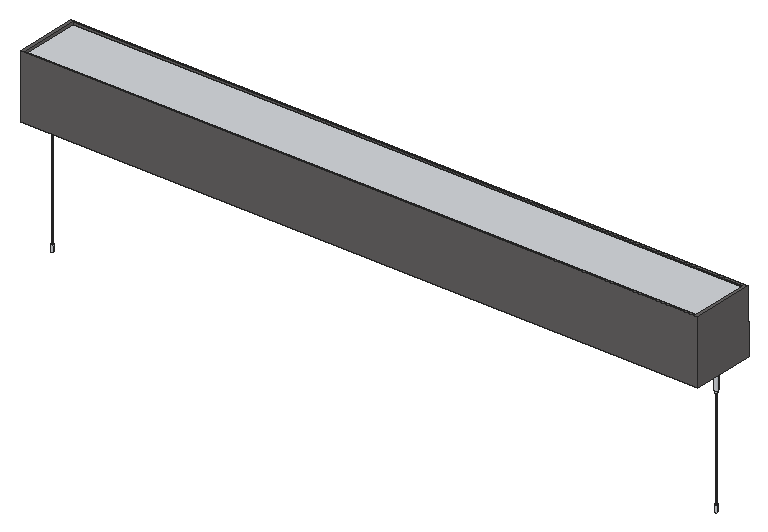
Revit family "4L-P-ID", category Lighting Fixtures, host Face, Revit 2021
Family settings
  Host = Face
  Round Connector Dimension = Use Diameter
  Part Type = Normal
  OmniClass Number = 23.80.70.11.14.17
  OmniClass Title = Direct/Indirect
  Cut with Voids When Loaded = No
  Light Source = No
  Shared = No
  Room Calculation Point = No
Parameters (values of type "4L-P-ID-C1")
  Watts = 56 W  # constant formula
  Wattage Comments = "Variable Intensity technology provides specifiable lumen output/wattage"  # constant formula
  Voltage = 120 V
  Uplight distribution = "Low Peak Angle"  # constant formula
  URL = "https://www.currentlighting.com/litecontrol"
  Reflector Finish = White Glass
  Product Page URL = ""
  Product Material = Paint - Textured Camera Black
  Product Documentation Link = ""
  Power Factor = 1
  Pendent Height = 9"
  Model = "4L-P-ID"  # constant formula
  Manufacturer = "Litecontrol"  # constant formula
  Load Classification = Lighting
  Lamp = "LED"  # constant formula
  Indirect Output/ft = "I120-1200"  # constant formula
  Fixture Length = MOD 4 : 4'
  Downlight diffuser = "Downlight diffuser"  # constant formula
  Direct Output/ft = "D110-1100"  # constant formula
  Description = "MOD 4 LED Pendant Indirect/Direct"  # constant formula
  Default Elevation = 48"
  Connector Description = "Lighting Connector"  # constant formula
  Apparent Load = Watts / Power Factor  # 56 VA
Types (7): name
  (no name)
  4L-P-ID-C1
  4L-P-ID-C2
  4L-P-ID-C3
  4L-P-ID-C4
  4L-P-ID-C5
  4L-P-ID-C6
Reference planes (in)
  plane 1 "Center (Front/Back)": y = 0
  plane 2: z = 0
  plane 3 "Center (Left/Right)": x = 0
Forms (in)
  Extrusion 1, void
    sketch origin (0, 0, 0) x (1, 0, 0) y (0, 1, 0)
      loop
        circle (0, 0) r 3.125
    from -1.25 to 0
Dimensions and locks (in)
  radius of Extrusion 1 sketch curve = 3 1/8"
  aligned and locked: plane 2 to host face
  aligned and locked: level to host face
  aligned and locked: level to Extrusion 1
  aligned and locked: plane 1 "Center (Front/Back)" to nested 1
  aligned and locked: plane 3 "Center (Left/Right)" to nested 1
Nested families (in)
  nested 1: "MOD 4" at (0, 0, 0), type <- "Fixture Length", Pendent Height <- "Pendent Height", Product Material <- "Product Material", type "4'"
    with Product Material Paint - Textured Camera Black, Pendent Height 9", Length 48"
Connectors (in)
  electrical at (0, 0, 9), driven by "Connector Description", driven by "Apparent Load", driven by "Voltage", driven by "Load Classification", driven by "Power Factor"
    settings: on nested 1, index 1, voltage 120 V, apparent load 56 VA, apparent load phase1 0 VA, apparent load phase2 0 VA, apparent load phase3 0 VA, power factor 1, load classification "Lighting", number of poles 1, system type 30, power factor state 1, is connector primary yes, connector utility no, sub classification motor no, connector description "Lighting Connector"
Definition of nested family "MOD 4"
  Parameters
    Width = 4.43"  # constant formula
    Wattage Comments = "17"
    Wattage = 56 W
    built-in parameter 1150110 = 1 (stored number, unit not read)
    URL = "http://www.columbialighting.com/"
    built-in parameter 1114217 = 1 (stored number, unit not read)
    Tilt Angle = 90.00°  # constant formula
    built-in parameter 1150109 = 1 (stored number, unit not read)
    built-in parameter 1150134 = (empty or 0)
    built-in parameter 1150113 = 1 (stored number, unit not read)
    Reflector Finish = none
    Product Material [instance] = none
    Photometric Web File = "4L-P-ID-LPA-4-SOF-X-CX-35K-I120-D030.IES"
    Pendent Height [instance] = 6.85998"
    Pendant Material = none
    Model = "4L-P-ID"  # constant formula
    Manufacturer = "LITECONROL"  # constant formula
    built-in parameter 1150105 = 476.83 (stored number, unit not read)
    Lumens = 5992 lm
    built-in parameter 1150115 = 1 (stored number, unit not read)
    Load Classification = none
    built-in parameter 1150137 = (empty or 0)
    built-in parameter 1150139 = (empty or 0)
    Length = 96"
    built-in parameter 1150112 = 1 (stored number, unit not read)
    built-in parameter 1150114 = 1 (stored number, unit not read)
    Lamp = "24\" T8 Lamp"
    built-in parameter 1150132 = (empty or 0)
    built-in parameter 1150102 = (empty or 0)
    built-in parameter 1150107 = 3500 (stored number, unit not read)
    built-in parameter 1150138 = (empty or 0)
    built-in parameter 1150106 = 4.7683 (stored number, unit not read)
    Height = 4 1/2"  # constant formula
    Emit from Rectangle Width = Length - 2"  # 94"
    Emit from Rectangle Length = 4"  # constant formula
    Emit Shape Visible in Rendering = no
    built-in parameter 1150104 = 9.9406 (stored number, unit not read)
    Dimming Lamp Color Temperature Shift = (empty or 0)
    Description = ""  # constant formula
    Default Elevation = 48"
    Color Filter = 16777215
    built-in parameter 1114218 = 1 (stored number, unit not read)
    built-in parameter 1150133 = 10 (stored number, unit not read)
    Apparent Load = 0 VA  # constant formula
  Reference planes (in)
    plane 1 "Center (Front/Back)": y = 0
    plane 2: z = 0
    plane 3 "Center (Left/Right)": x = 0
    plane 4: x = -48
    plane 5: x = 48
    plane 6: x = -47.75
    plane 7: x = 47.75
    plane 8: y = -2.215
    plane 9: y = 2.215
    plane 10: z = 6.85998
    plane 11: z = 11.10998
    plane 12: x = 47.5
    plane 13: x = -47.5
    plane 14: z = 11.23498
    plane 15: z = 11.10998
    plane 16: z = 11.35998
  Forms (in)
    Extrusion 1, solid
      sketch origin (0, 0, 0) x (1, 0, 0) y (0, 1, 0)
        loop
          line (-48, 48) -> (-48, -48) -> (48, -48) -> (48, 48) -> (-48, 48)
      from 0 to -1.25
    Extrusion 2, solid, material <- "Product Material"
      sketch origin (0, 0, 0) x (0, 1, 0) y (0, 0, -1)
        loop
          line (2.215, -6.85998) -> (-2.215, -6.85998) -> (-2.215, -11.35998) -> (2.215, -11.35998) -> (2.215, -6.85998)
      from -48 to -47.75
    Extrusion 3, solid, material <- "Product Material"
      sketch origin (-47.9375, 0, 0) x (0, 1, 0) y (0, 0, -1)
        loop
          line (2.215, -6.85998) -> (-2.215, -6.85998) -> (-2.215, -11.35998) -> (2.215, -11.35998) -> (2.215, -6.85998)
      from -0.1875 to 0.0625
    Sweep 4, solid, material <- "Product Material"
      path origin (0, 0, 0) x (1, 0, 0) y (0, 1, 0)
        loop
          line (-47.75, 0) -> (47.75, 0)
      profile origin (0, 0, 0) x (0, 1, 0) y (0, 0, 1)
        loop
          line (2.12398, 11.35998) -> (2.12398, 6.99596) -> (-2.12398, 6.99596) -> (-2.12398, 11.35998) -> (-2.215, 11.35998) -> (-2.215, 6.85998) -> (2.215, 6.85998) -> (2.215, 11.35998) -> (2.12398, 11.35998)
    Revolve 5, solid, material <- "Pendant Material"
      sketch origin (0, 0, 0) x (1, 0, 0) y (0, 0, 1)
        loop
          line (-47.5, 6.85998) -> (-47.5, 0) -> (-47.40361, 0) -> (-47.40361, 0.42177) -> (-47.47196, 0.42177) -> (-47.47196, 5.43695) -> (-47.41672, 5.43695) -> (-47.41672, 5.61188) -> (-47.34307, 5.61188) -> (-47.34307, 6.85998) -> (-47.5, 6.85998)
        axis (-47.5, 6.85998) -> (-47.5, 0)
      angle from 0 to 360
    Revolve 6, solid, material <- "Pendant Material"
      sketch origin (0, 0, 0) x (-1, 0, 0) y (0, 0, -1)
        loop
          line (-47.5, -6.85998) -> (-47.34307, -6.85998) -> (-47.34307, -5.61188) -> (-47.41672, -5.61188) -> (-47.41672, -5.43695) -> (-47.47196, -5.43695) -> (-47.47196, -0.42177) -> (-47.40361, -0.42177) -> (-47.40361, 0) -> (-47.5, 0) -> (-47.5, -6.85998)
        axis (-47.5, -6.85998) -> (-47.5, 0)
      angle from 0 to 360
    Extrusion 7, solid, material <- "Reflector Finish"
      sketch origin (0, 0, 0) x (1, 0, 0) y (0, 1, 0)
        loop
          line (-47.75, 2.12398) -> (-47.75, -2.12398) -> (47.75, -2.12398) -> (47.75, 2.12398) -> (-47.75, 2.12398)
      from 11.23498 to 11.10998
  Cuts and joins
    joined: Extrusion 2, Extrusion 3, Sweep 4
  Dimensions and locks (in)
    equal spacing: plane 4, plane 3 "Center (Left/Right)", plane 5
    "Length": plane 4 to plane 5
    locked: plane 4 to plane 6 at 0.25
    locked: plane 7 to plane 5 at 0.25
    equal spacing: plane 8, plane 1 "Center (Front/Back)", plane 9
    "Width": plane 9 to plane 8
    "Pendent Height": plane 10 to plane 2
    locked: plane 4 to plane 13 at 0.5
    locked: plane 12 to plane 5 at 0.5
    locked: Sweep 4 sketch curve to Sweep 4 sketch curve at 0.09102  (x2)
    locked: plane 14 to plane 15 at 0.125
    "Height": plane 16 to plane 10
    locked: plane 16 to plane 14 at 0.125
    locked: plane 14 to plane 11 at 0.125
    aligned and locked: plane 2 to Extrusion 1
    aligned and locked: level to Extrusion 1
    aligned and locked: plane 5 to Extrusion 2
    aligned and locked: Extrusion 2 to plane 7
    aligned and locked: plane 1 "Center (Front/Back)" to Sweep 4 sketch curve
    aligned and locked: plane 6 to Sweep 4 sketch curve
    aligned and locked: plane 7 to Sweep 4 sketch curve
    aligned and locked: Extrusion 3 sketch curve to plane 10
    aligned and locked: Extrusion 3 sketch curve to plane 8
    aligned and locked: Extrusion 3 sketch curve to plane 9
    aligned and locked: Extrusion 2 sketch curve to plane 10
    aligned and locked: Extrusion 2 sketch curve to plane 9
    aligned and locked: Extrusion 2 sketch curve to plane 8
    aligned and locked: Extrusion 3 to plane 4
    aligned and locked: Extrusion 3 to Sweep 4
    aligned and locked: Sweep 4 to Extrusion 2
    aligned and locked: plane 6 to Extrusion 3
    aligned and locked: Extrusion 7 sketch curve to cut or joined group of Extrusion 2, Extrusion 3, Sweep 4  (x4)
    aligned and locked: plane 11 to imposter light
    aligned and locked: plane 9 to Sweep 4 sketch curve
    aligned and locked: Sweep 4 sketch curve to plane 8
    aligned and locked: imposter light to plane 3 "Center (Left/Right)"
    aligned and locked: imposter light to plane 1 "Center (Front/Back)"
    aligned and locked: plane 15 to Extrusion 7
    aligned and locked: plane 14 to Extrusion 7
  Automatic sketch dimensions
    Extrusion 1 sketch curve to Extrusion 1 sketch curve = 96"  (x2)
    Sweep 4 sketch curve to Sweep 4 sketch curve = 4.36402"
    Sweep 4 sketch curve to Sweep 4 sketch curve = 0.13598"
    Revolve 5 sketch curve to level = 0"
    Revolve 5 sketch curve to plane 13 = 0"  (x2)
    Revolve 5 sketch curve to plane 10 = 0"
    plane 13 to Revolve 5 sketch curve = 0.09639"
    level to Revolve 5 sketch curve = 0.42177"
    plane 13 to Revolve 5 sketch curve = 0.02804"
    Revolve 5 sketch curve to Revolve 5 sketch curve = 0.05524"
    Revolve 5 sketch curve to Revolve 5 sketch curve = 0.07365"
    Revolve 5 sketch curve to plane 10 = 1.42302"
    Revolve 5 sketch curve to Revolve 5 sketch curve = 0.17493"
    Revolve 5 sketch curve to Revolve 5 sketch curve = 9.16755"
    Revolve 6 sketch curve to level = 0"
    plane 12 to Revolve 6 sketch curve = 0"
    Revolve 6 sketch curve to plane 10 = 0"
    plane 12 to Revolve 6 sketch curve = 0.15693"
    Revolve 6 sketch curve to plane 10 = 1.2481"
    Revolve 6 sketch curve to plane 12 = 0"
    plane 12 to Revolve 6 sketch curve = 0.02804"
    Revolve 6 sketch curve to Revolve 6 sketch curve = 0.05524"
    Revolve 6 sketch curve to Revolve 6 sketch curve = 0.09639"
    Revolve 6 sketch curve to Revolve 6 sketch curve = 0.17493"
    level to Revolve 6 sketch curve = 0.42177"
    Revolve 6 sketch curve to Revolve 6 sketch curve = 9.16755"
    plane 14 to Extrusion 2 sketch curve = 1/8"
    plane 14 to Extrusion 3 sketch curve = 1/8"
    level to Sweep 4 sketch curve = 6.85998"
    Sweep 4 sketch curve to Sweep 4 sketch curve = 0"
    plane 14 to Revolve 5 sketch curve = 85.65997"
    plane 14 to Revolve 6 sketch curve = 85.65997"
